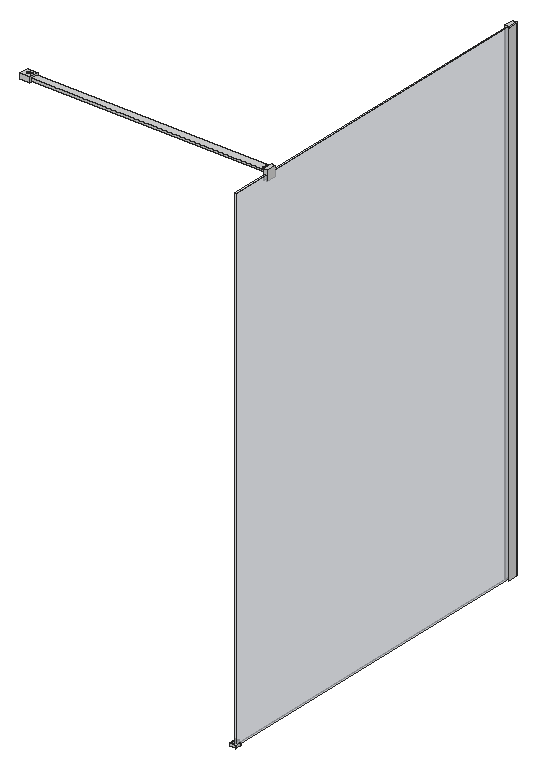
Revit family "Reece_Shower_Kado_Lux_Fixed Shower Screen", category Plumbing Fixtures, Revit 2018
Family settings
  Round Connector Dimension = Use Diameter
  Part Type = Normal
  Work Plane-Based = Yes
  Always vertical = Yes
  Cut with Voids When Loaded = Yes
  Shared = Yes
  Room Calculation Point = Yes
Parameters (values of type "1400 mm_With Wall Support_Chrome")
  URL = "https://www.reece.com.au/product/-9506301"
  Type Comments = "Shower"
  Reece_Screen_Width = 1400 mm
  Reece_Screen_Height = 2000 mm  # constant formula
  Reece_Product_Web Page = "https://www.reece.com.au/product/-9506301"
  Reece_Product_Type = "Shower"  # constant formula
  Reece_Product_Sub Brand = "Lux"  # constant formula
  Reece_Product_Number = "9506301"
  Reece_Product_Mount = "Wall Mounted"
  Reece_Product_Description = "Kado Lux Fixed Shower Screen Panel and Wall Support 1400mm Chrome"
  Reece_Product_Brand = "Kado"  # constant formula
  Reece_Overall_Width = 1000 mm  # constant formula
  Reece_Overall_Height [instance] = 2020 mm
  Reece_Material_Screen = Reece_Safety Glass_Transparent
  Reece_Material_Main = Reece_Brass_Chrome
  Reece_Family_Shower Screen Fixtures_Double Entry with Side Panels and Wall Support = no
  Reece_Family_Shower Screen Fixtures_Double Entry and Wall Support_Base Support = no
  Reece_Family_Shower Screen Fixtures_Double Entry and Wall Support = no
  Reece_Family_Shower Screen Fixtures_With Wall Panel and Wall Support = no
  Reece_Family_Shower Screen Fixtures_With Wall Support = yes
  Reece_Detail_Function = "Wall Support"
  Reece_Detail_Disclaimer = "THIS FILE IS THE PROPERTY OF THE REECE GROUP. IT MAY NOT BE REPRODUCED, REVERSE-ENGINEERED OR MODIFIED. ANY REPUBLICATION, TRANSMISSION OR DISTRIBUTION FOR THE PURPOSE OF COMMERCIALLY EXPLOITING THE FILES IS PROHIBITED."  # constant formula
  Reece_Detail_Additional = "Fixed Shower Screen"  # constant formula
  Model = "Lux"
  Manufacturer = "Kado"
  Keynote = "Product #9506301, Reece_Shower_Kado_Lux_Fixed Shower Screen - 1400 mm_With Wall Support_Chrome"
  Disclaimer = "THIS FILE IS THE PROPERTY OF THE REECE GROUP. IT MAY NOT BE REPRODUCED, REVERSE-ENGINEERED OR MODIFIED. ANY REPUBLICATION, TRANSMISSION OR DISTRIBUTION FOR THE PURPOSE OF COMMERCIALLY EXPLOITING THE FILES IS PROHIBITED."  # constant formula
  Description = "Kado Lux Fixed Shower Screen Panel and Wall Support 1400mm Chrome"
  Default Elevation = 0 mm
Types (5, lengths in mm): name | URL | Reece_Screen_Width | Reece_Product_Web Page | Reece_Product_Number | Reece_Product_Description | Reece_Family_Shower Screen Fixtures_Double Entry and Wall Support_Base Support | Reece_Family_Shower Screen Fixtures_Double Entry and Wall Support | Reece_Family_Shower Screen Fixtures_With Wall Support | Reece_Detail_Function | Keynote | Description
  (no name) | "https://www.reece.com.au/product/-9506299" | 1000 | "https://www.reece.com.au/product/-9506299" | "9506299" | "Kado Lux Fixed Shower Screen Panel and Wall Support 1000mm Chrome" | no | no | yes | "Wall Support" | "Product #9506299, Reece_Shower_Kado_Lux_Fixed Shower Screen -  " | "Kado Lux Fixed Shower Screen Panel and Wall Support 1000mm Chrome"
  1000 mm_With Wall Support_Chrome | "https://www.reece.com.au/product/-9506299" | 1000 | "https://www.reece.com.au/product/-9506299" | "9506299" | "Kado Lux Fixed Shower Screen Panel and Wall Support 1000mm Chrome" | no | no | yes | "Wall Support" | "Product #9506299, Reece_Shower_Kado_Lux_Fixed Shower Screen - 1000 mm_With Wall Support_Chrome" | "Kado Lux Fixed Shower Screen Panel and Wall Support 1000mm Chrome"
  1200 mm_With Wall Support_Chrome | "https://www.reece.com.au/product/-9506300" | 1200 | "https://www.reece.com.au/product/-9506300" | "9506300" | "Kado Lux Fixed Shower Screen Panel and Wall Support 1200mm Chrome" | no | no | yes | "Wall Support" | "Product #9506300, Reece_Shower_Kado_Lux_Fixed Shower Screen - 1200 mm_With Wall Support_Chrome" | "Kado Lux Fixed Shower Screen Panel and Wall Support 1200mm Chrome"
  1400 mm_With Wall Support_Chrome | "https://www.reece.com.au/product/-9506301" | 1400 | "https://www.reece.com.au/product/-9506301" | "9506301" | "Kado Lux Fixed Shower Screen Panel and Wall Support 1400mm Chrome" | no | no | yes | "Wall Support" | "Product #9506301, Reece_Shower_Kado_Lux_Fixed Shower Screen - 1400 mm_With Wall Support_Chrome" | "Kado Lux Fixed Shower Screen Panel and Wall Support 1400mm Chrome"
  1400 mm_Double Entry and Wall Support_Chrome | "https://www.reece.com.au/product/-9506884" | 1400 | "https://www.reece.com.au/product/-9506884" | "9506884" | "Kado Lux Fixed Shower Screen Panel Double Entry and Wall Support 1400mm Chrome" | yes | yes | no | "Double Entry and Wall Support" | "Product #9506884, Reece_Shower_Kado_Lux_Fixed Shower Screen - 1400 mm_Double Entry and Wall Support_Chrome" | "Kado Lux Fixed Shower Screen Panel Double Entry and Wall Support 1400mm Chrome"
Reference planes
  plane 1 "Center (Front/Back)": y = 0
  plane 2 "Height From Floor": z = 0
  plane 3 "Center (Left/Right)": x = 0
  plane 4 "Bottom Of Invisible Line": z = -5
  plane 5: x = 500
  plane 6: x = -500
  plane 7: y = 710
  plane 8: y = -710
  plane 9: z = 2000
  plane 10: z = 2020
  plane 11: y = 699
  plane 12: y = -701
  plane 13: y = -528.5
  plane 14: y = -509.5
  plane 15: y = -547.5
  plane 16: y = -514.5
  plane 17: y = -542.5
  plane 18: y = -678
  plane 19: y = 670
  plane 20: x = 487
  plane 21: x = 157
  plane 22: y = -693.5
  plane 23: y = -701.5
  plane 24: y = 528.5
Forms (mm)
  Extrusion 1, solid, material "Reece_Brass_Chrome" <- "Reece_Material_Main"
    sketch origin (6, 91.5, -10) x (-1, 0, 0) y (0, 0, -1)
      loop
        line (466, -2010) -> (466, -2030) -> (506, -2030) -> (506, -2010) -> (466, -2010)
      loop
        line (-491, -1990) -> (-494, -1990) -> (-494, -2030) -> (-479, -2030) -> (-479, -1990) -> (-483, -1990) -> (-483, -2010) -> (-491, -2010) -> (-491, -1990)
    from 601 to 639
  Extrusion 2, solid, material "Reece_Brass_Chrome" <- "Reece_Material_Main"
    sketch origin (0, 91.5, -10) x (-1, 0, 0) y (0, 0, -1)
      loop
        line (-485, -2025) -> (485, -2025) -> (485, -2015) -> (-485, -2015) -> (-485, -2025)
    from 606 to 634
  Extrusion 3, solid, material "Reece_Brass_Chrome" <- "Reece_Material_Main", detail levels fine
    sketch origin (0, -450, 15) x (-1, 0, 0) y (0, -1, 0)
      loop
        circle (-474.005, 71.5) r 3
      loop
        circle (-474.005, 85.5) r 3
      loop
        line (-474.005, 69) -> (-471.84, 70.25) -> (-471.84, 72.75) -> (-474.005, 74) -> (-476.17, 72.75) -> (-476.17, 70.25) -> (-474.005, 69)
      loop
        line (-474.005, 83) -> (-471.84, 84.25) -> (-471.84, 86.75) -> (-474.005, 88) -> (-476.17, 86.75) -> (-476.17, 84.25) -> (-474.005, 83)
    from 2000 to 2001
  Extrusion 4, solid, material "Reece_Safety Glass_Transparent" <- "Reece_Material_Screen"
    sketch origin (464, 0, 0) x (0, 1, 0) y (-1, 0, 0)
      loop
        line (699, -33) -> (699, -25) -> (-701, -25) -> (-701, -33) -> (699, -33)
    from 0 to 2000
  Extrusion 5, solid, material "Reece_Brass_Chrome" <- "Reece_Material_Main", detail levels fine
    sketch origin (0, -450, 20) x (-1, 0, 0) y (0, -1, 0)
      loop
        circle (480.988, 78.5) r 4
      loop
        circle (468, 78.5) r 4
      loop
        line (471.031, 76.75) -> (471.031, 80.25) -> (468, 82) -> (464.969, 80.25) -> (464.969, 76.75) -> (468, 75) -> (471.031, 76.75)
      loop
        line (484.02, 76.75) -> (484.02, 80.25) -> (480.988, 82) -> (477.957, 80.25) -> (477.957, 76.75) -> (480.988, 75) -> (484.02, 76.75)
    from 2000 to 2001
  Extrusion 6, solid, material "Reece_Brass_Chrome" <- "Reece_Material_Main", visible <- "Reece_Family_Shower Screen Fixtures_With Wall Support"
    sketch origin (0, 0, 0) x (1, 0, 0) y (0, 1, 0)
      loop
        line (476, -678.5) -> (476, -709.5)
        arc (476, -709.5) -> (476.146, -709.854) -> (476.5, -710) r 0.5
        line (476.5, -710) -> (502.5, -710)
        arc (502.5, -710) -> (502.854, -709.854) -> (503, -709.5) r 0.5
        line (503, -709.5) -> (503, -688.5)
        arc (503, -688.5) -> (502.854, -688.146) -> (502.5, -688) r 0.5
        line (502.5, -688) -> (497.5, -688)
        arc (497.5, -688) -> (497.146, -688.146) -> (497, -688.5) r 0.5
        line (497, -688.5) -> (497, -701) -> (489, -701) -> (489, -678.5)
        arc (489, -678.5) -> (488.854, -678.146) -> (488.5, -678) r 0.5
        line (488.5, -678) -> (476.5, -678)
        arc (476.5, -678) -> (476.146, -678.146) -> (476, -678.5) r 0.5
    from 0 to 10
  Extrusion 7, solid, material "Reece_Brass_Chrome" <- "Reece_Material_Main", visible <- "Reece_Family_Shower Screen Fixtures_With Wall Support", detail levels fine
    sketch origin (361, -969.488, -1990) x (0, 1, 0) y (-1, 0, 0)
      loop
        circle (282.488, -121.5) r 3.5
      loop
        circle (268.5, -121.5) r 3.5
      loop
        line (271.5, -121.5) -> (270, -118.902) -> (267, -118.902) -> (265.5, -121.5) -> (267, -124.098) -> (270, -124.098) -> (271.5, -121.5)
      loop
        line (285.488, -121.5) -> (283.988, -118.902) -> (280.988, -118.902) -> (279.488, -121.5) -> (280.988, -124.098) -> (283.988, -124.098) -> (285.488, -121.5)
    from 2000 to 2001
  Extrusion 8, solid, material "Reece_Brass_Chrome" <- "Reece_Material_Main", visible <- "Reece_Family_Shower Screen Fixtures_With Wall Panel and Wall Support"
    sketch origin (1364, -168.462, 0) x (1, 0, 0) y (0, 1, 0)
      loop
        arc (-865.5, -515.038) -> (-865.646, -514.685) -> (-866, -514.538) r 0.5
        line (-866, -514.538) -> (-867, -514.538) -> (-867, -532.538)
        arc (-867, -532.538) -> (-867.146, -532.892) -> (-867.5, -533.038) r 0.5
        line (-867.5, -533.038) -> (-874.5, -533.038)
        arc (-874.5, -533.038) -> (-874.853, -532.892) -> (-875, -532.538) r 0.5
        line (-875, -532.538) -> (-875, -514.538) -> (-876, -514.538)
        arc (-876, -514.538) -> (-876.353, -514.685) -> (-876.5, -515.038) r 0.5
        line (-876.5, -515.038) -> (-876.5, -523.038)
        arc (-876.5, -523.038) -> (-876.646, -523.392) -> (-877, -523.538) r 0.5
        line (-877, -523.538) -> (-885, -523.538)
        arc (-885, -523.538) -> (-885.353, -523.685) -> (-885.5, -524.038) r 0.5
        line (-885.5, -524.038) -> (-885.5, -525.038) -> (-877, -525.038)
        arc (-877, -525.038) -> (-876.646, -525.185) -> (-876.5, -525.538) r 0.5
        line (-876.5, -525.538) -> (-876.5, -532.538)
        arc (-876.5, -532.538) -> (-876.646, -532.892) -> (-877, -533.038) r 0.5
        line (-877, -533.038) -> (-885.5, -533.038) -> (-885.5, -534.038)
        arc (-885.5, -534.038) -> (-885.353, -534.392) -> (-885, -534.538) r 0.5
        line (-885, -534.538) -> (-866, -534.538)
        arc (-866, -534.538) -> (-865.646, -534.392) -> (-865.5, -534.038) r 0.5
        line (-865.5, -534.038) -> (-865.5, -515.038)
    from 0 to 2000
  Extrusion 9, solid, material "Reece_Safety Glass_Transparent" <- "Reece_Material_Screen", visible <- "Reece_Family_Shower Screen Fixtures_With Wall Panel and Wall Support"
    sketch origin (658, -468.5, 0) x (1, 0, 0) y (0, 1, 0)
      loop
        line (-171, -233) -> (-171, -225) -> (-501, -225) -> (-501, -233) -> (-171, -233)
    from 0 to 2000
  Extrusion 10, solid, material "Reece_Brass_Chrome" <- "Reece_Material_Main", visible <- "Reece_Family_Shower Screen Fixtures_With Wall Panel and Wall Support", detail levels fine
    sketch origin (-311.488, -365.5, -1990) x (1, 0, 0) y (0, 1, 0)
      loop
        circle (482.488, -321.5) r 3.5
      loop
        circle (468.5, -321.5) r 3.5
      loop
        line (471.5, -321.5) -> (470, -318.902) -> (467, -318.902) -> (465.5, -321.5) -> (467, -324.098) -> (470, -324.098) -> (471.5, -321.5)
      loop
        line (485.488, -321.5) -> (483.988, -318.902) -> (480.988, -318.902) -> (479.488, -321.5) -> (480.988, -324.098) -> (483.988, -324.098) -> (485.488, -321.5)
    from 2000 to 2001
  Extrusion 11, solid, material "Reece_Brass_Chrome" <- "Reece_Material_Main", visible <- "Reece_Family_Shower Screen Fixtures_With Wall Panel and Wall Support"
    sketch origin (658, -4.5, 0) x (0, -1, 0) y (1, 0, 0)
      loop
        line (676, -478.5) -> (676, -509.5)
        arc (676, -509.5) -> (676.146, -509.854) -> (676.5, -510) r 0.5
        line (676.5, -510) -> (702.5, -510)
        arc (702.5, -510) -> (702.854, -509.854) -> (703, -509.5) r 0.5
        line (703, -509.5) -> (703, -488.5)
        arc (703, -488.5) -> (702.854, -488.146) -> (702.5, -488) r 0.5
        line (702.5, -488) -> (697.5, -488)
        arc (697.5, -488) -> (697.146, -488.146) -> (697, -488.5) r 0.5
        line (697, -488.5) -> (697, -501) -> (689, -501) -> (689, -478.5)
        arc (689, -478.5) -> (688.854, -478.146) -> (688.5, -478) r 0.5
        line (688.5, -478) -> (676.5, -478)
        arc (676.5, -478) -> (676.146, -478.146) -> (676, -478.5) r 0.5
    from 0 to 10
  Extrusion 12, solid, material "Reece_Brass_Chrome" <- "Reece_Material_Main", visible <- "Reece_Family_Shower Screen Fixtures_Double Entry and Wall Support"
    sketch origin (6, -91.5, -10) x (-1, 0, 0) y (0, 0, 1)
      loop
        line (466, 2010) -> (506, 2010) -> (506, 2030) -> (466, 2030) -> (466, 2010)
      loop
        line (-491, 1990) -> (-491, 2010) -> (-483, 2010) -> (-483, 1990) -> (-474, 1990) -> (-474, 2030) -> (-494, 2030) -> (-494, 1990) -> (-491, 1990)
    from 601 to 639
  Extrusion 13, solid, material "Reece_Brass_Chrome" <- "Reece_Material_Main", visible <- "Reece_Family_Shower Screen Fixtures_Double Entry and Wall Support"
    sketch origin (0, -91.5, -10) x (-1, 0, 0) y (0, 0, 1)
      loop
        line (-480, 2025) -> (-480, 2015) -> (460, 2015) -> (460, 2025) -> (-480, 2025)
    from 606 to 634
  Extrusion 14, solid, material "Reece_Brass_Chrome" <- "Reece_Material_Main", visible <- "Reece_Family_Shower Screen Fixtures_Double Entry and Wall Support", detail levels fine
    sketch origin (0, 450, 15) x (-1, 0, 0) y (0, -1, 0)
      loop
        circle (-474.005, -71.5) r 3
      loop
        circle (-474.005, -85.5) r 3
      loop
        line (-474.005, -69) -> (-476.17, -70.25) -> (-476.17, -72.75) -> (-474.005, -74) -> (-471.84, -72.75) -> (-471.84, -70.25) -> (-474.005, -69)
      loop
        line (-474.005, -83) -> (-476.17, -84.25) -> (-476.17, -86.75) -> (-474.005, -88) -> (-471.84, -86.75) -> (-471.84, -84.25) -> (-474.005, -83)
    from 2000 to 2001
  Extrusion 15, solid, material "Reece_Brass_Chrome" <- "Reece_Material_Main", visible <- "Reece_Family_Shower Screen Fixtures_Double Entry and Wall Support", detail levels fine
    sketch origin (0, 450, 20) x (-1, 0, 0) y (0, -1, 0)
      loop
        circle (482.988, -78.5) r 4
      loop
        circle (468, -78.5) r 4
      loop
        line (471.031, -76.75) -> (468, -75) -> (464.969, -76.75) -> (464.969, -80.25) -> (468, -82) -> (471.031, -80.25) -> (471.031, -76.75)
      loop
        line (486.02, -76.75) -> (482.988, -75) -> (479.957, -76.75) -> (479.957, -80.25) -> (482.988, -82) -> (486.02, -80.25) -> (486.02, -76.75)
    from 2000 to 2001
  Extrusion 16, solid, material "Reece_Brass_Chrome" <- "Reece_Material_Main", visible <- "Reece_Family_Shower Screen Fixtures_With Wall Panel and Wall Support"
    sketch origin (-380.5, 175.462, 0) x (-1, 0, 0) y (0, -1, 0)
      loop
        arc (-865.5, -495.038) -> (-865.646, -494.685) -> (-866, -494.538) r 0.5
        line (-866, -494.538) -> (-867, -494.538) -> (-867, -523.538)
        arc (-867, -523.538) -> (-867.146, -523.892) -> (-867.5, -524.038) r 0.5
        line (-867.5, -524.038) -> (-878.5, -524.038)
        arc (-878.5, -524.038) -> (-878.853, -523.892) -> (-879, -523.538) r 0.5
        line (-879, -523.538) -> (-879, -494.538) -> (-880, -494.538)
        arc (-880, -494.538) -> (-880.353, -494.685) -> (-880.5, -495.038) r 0.5
        line (-880.5, -495.038) -> (-880.5, -534.038)
        arc (-880.5, -534.038) -> (-880.353, -534.392) -> (-880, -534.538) r 0.5
        line (-880, -534.538) -> (-866, -534.538)
        arc (-866, -534.538) -> (-865.646, -534.392) -> (-865.5, -534.038) r 0.5
        line (-865.5, -534.038) -> (-865.5, -495.038)
      loop
        line (-878.5, -533.038) -> (-867.5, -533.038)
        arc (-867.5, -533.038) -> (-867.146, -532.892) -> (-867, -532.538) r 0.5
        line (-867, -532.538) -> (-867, -526.038)
        arc (-867, -526.038) -> (-867.146, -525.685) -> (-867.5, -525.538) r 0.5
        line (-867.5, -525.538) -> (-878.5, -525.538)
        arc (-878.5, -525.538) -> (-878.853, -525.685) -> (-879, -526.038) r 0.5
        line (-879, -526.038) -> (-879, -532.538)
        arc (-879, -532.538) -> (-878.853, -532.892) -> (-878.5, -533.038) r 0.5
    from 0 to 2000
  Extrusion 17, solid, material "Reece_Brass_Chrome" <- "Reece_Material_Main", visible <- "Reece_Family_Shower Screen Fixtures_With Wall Panel and Wall Support"
    sketch origin (-380.5, 175.462, 0) x (-1, 0, 0) y (0, -1, 0)
      loop
        arc (-865.5, -495.038) -> (-865.646, -494.685) -> (-866, -494.538) r 0.5
        line (-866, -494.538) -> (-880, -494.538)
        arc (-880, -494.538) -> (-880.353, -494.685) -> (-880.5, -495.038) r 0.5
        line (-880.5, -495.038) -> (-880.5, -534.038)
        arc (-880.5, -534.038) -> (-880.353, -534.392) -> (-880, -534.538) r 0.5
        line (-880, -534.538) -> (-866, -534.538)
        arc (-866, -534.538) -> (-865.646, -534.392) -> (-865.5, -534.038) r 0.5
        line (-865.5, -534.038) -> (-865.5, -495.038)
    from 2000 to 2005
  Extrusion 18, solid, material "Reece_Brass_Chrome" <- "Reece_Material_Main", visible <- "Reece_Family_Shower Screen Fixtures_Double Entry with Side Panels and Wall Support"
    sketch origin (1364, 168.462, 0) x (1, 0, 0) y (0, 1, 0)
      loop
        line (-865.5, 515.038) -> (-865.5, 534.038)
        arc (-865.5, 534.038) -> (-865.646, 534.392) -> (-866, 534.538) r 0.5
        line (-866, 534.538) -> (-885, 534.538)
        arc (-885, 534.538) -> (-885.353, 534.392) -> (-885.5, 534.038) r 0.5
        line (-885.5, 534.038) -> (-885.5, 533.038) -> (-877, 533.038)
        arc (-877, 533.038) -> (-876.646, 532.892) -> (-876.5, 532.538) r 0.5
        line (-876.5, 532.538) -> (-876.5, 525.538)
        arc (-876.5, 525.538) -> (-876.646, 525.185) -> (-877, 525.038) r 0.5
        line (-877, 525.038) -> (-885.5, 525.038) -> (-885.5, 524.038)
        arc (-885.5, 524.038) -> (-885.353, 523.685) -> (-885, 523.538) r 0.5
        line (-885, 523.538) -> (-877, 523.538)
        arc (-877, 523.538) -> (-876.646, 523.392) -> (-876.5, 523.038) r 0.5
        line (-876.5, 523.038) -> (-876.5, 515.038)
        arc (-876.5, 515.038) -> (-876.353, 514.685) -> (-876, 514.538) r 0.5
        line (-876, 514.538) -> (-875, 514.538) -> (-875, 532.538)
        arc (-875, 532.538) -> (-874.853, 532.892) -> (-874.5, 533.038) r 0.5
        line (-874.5, 533.038) -> (-867.5, 533.038)
        arc (-867.5, 533.038) -> (-867.146, 532.892) -> (-867, 532.538) r 0.5
        line (-867, 532.538) -> (-867, 514.538) -> (-866, 514.538)
        arc (-866, 514.538) -> (-865.646, 514.685) -> (-865.5, 515.038) r 0.5
    from 0 to 2000
  Extrusion 19, solid, material "Reece_Safety Glass_Transparent" <- "Reece_Material_Screen", visible <- "Reece_Family_Shower Screen Fixtures_Double Entry with Side Panels and Wall Support"
    sketch origin (658, 468.5, 0) x (1, 0, 0) y (0, 1, 0)
      loop
        line (-171, 233) -> (-501, 233) -> (-501, 225) -> (-171, 225) -> (-171, 233)
    from 0 to 2000
  Extrusion 20, solid, material "Reece_Brass_Chrome" <- "Reece_Material_Main", visible <- "Reece_Family_Shower Screen Fixtures_Double Entry with Side Panels and Wall Support", detail levels fine
    sketch origin (-311.488, 365.5, -1990) x (1, 0, 0) y (0, 1, 0)
      loop
        circle (482.488, 321.5) r 3.5
      loop
        circle (468.5, 321.5) r 3.5
      loop
        line (471.5, 321.5) -> (470, 324.098) -> (467, 324.098) -> (465.5, 321.5) -> (467, 318.902) -> (470, 318.902) -> (471.5, 321.5)
      loop
        line (485.488, 321.5) -> (483.988, 324.098) -> (480.988, 324.098) -> (479.488, 321.5) -> (480.988, 318.902) -> (483.988, 318.902) -> (485.488, 321.5)
    from 2000 to 2001
  Extrusion 21, solid, material "Reece_Brass_Chrome" <- "Reece_Material_Main", visible <- "Reece_Family_Shower Screen Fixtures_Double Entry with Side Panels and Wall Support"
    sketch origin (658, 4.5, 0) x (0, 1, 0) y (-1, 0, 0)
      loop
        arc (676, 478.5) -> (676.146, 478.146) -> (676.5, 478) r 0.5
        line (676.5, 478) -> (688.5, 478)
        arc (688.5, 478) -> (688.854, 478.146) -> (689, 478.5) r 0.5
        line (689, 478.5) -> (689, 501) -> (697, 501) -> (697, 488.5)
        arc (697, 488.5) -> (697.146, 488.146) -> (697.5, 488) r 0.5
        line (697.5, 488) -> (702.5, 488)
        arc (702.5, 488) -> (702.854, 488.146) -> (703, 488.5) r 0.5
        line (703, 488.5) -> (703, 509.5)
        arc (703, 509.5) -> (702.854, 509.854) -> (702.5, 510) r 0.5
        line (702.5, 510) -> (676.5, 510)
        arc (676.5, 510) -> (676.146, 509.854) -> (676, 509.5) r 0.5
        line (676, 509.5) -> (676, 478.5)
    from 0 to 10
  Extrusion 22, solid, material "Reece_Brass_Chrome" <- "Reece_Material_Main", visible <- "Reece_Family_Shower Screen Fixtures_Double Entry with Side Panels and Wall Support"
    sketch origin (1364, -168.462, 0) x (1, 0, 0) y (0, 1, 0)
      loop
        arc (-865.5, -515.038) -> (-865.646, -514.685) -> (-866, -514.538) r 0.5
        line (-866, -514.538) -> (-867, -514.538) -> (-867, -532.538)
        arc (-867, -532.538) -> (-867.146, -532.892) -> (-867.5, -533.038) r 0.5
        line (-867.5, -533.038) -> (-874.5, -533.038)
        arc (-874.5, -533.038) -> (-874.853, -532.892) -> (-875, -532.538) r 0.5
        line (-875, -532.538) -> (-875, -514.538) -> (-876, -514.538)
        arc (-876, -514.538) -> (-876.353, -514.685) -> (-876.5, -515.038) r 0.5
        line (-876.5, -515.038) -> (-876.5, -523.038)
        arc (-876.5, -523.038) -> (-876.646, -523.392) -> (-877, -523.538) r 0.5
        line (-877, -523.538) -> (-885, -523.538)
        arc (-885, -523.538) -> (-885.353, -523.685) -> (-885.5, -524.038) r 0.5
        line (-885.5, -524.038) -> (-885.5, -525.038) -> (-877, -525.038)
        arc (-877, -525.038) -> (-876.646, -525.185) -> (-876.5, -525.538) r 0.5
        line (-876.5, -525.538) -> (-876.5, -532.538)
        arc (-876.5, -532.538) -> (-876.646, -532.892) -> (-877, -533.038) r 0.5
        line (-877, -533.038) -> (-885.5, -533.038) -> (-885.5, -534.038)
        arc (-885.5, -534.038) -> (-885.353, -534.392) -> (-885, -534.538) r 0.5
        line (-885, -534.538) -> (-866, -534.538)
        arc (-866, -534.538) -> (-865.646, -534.392) -> (-865.5, -534.038) r 0.5
        line (-865.5, -534.038) -> (-865.5, -515.038)
    from 0 to 2000
  Extrusion 23, solid, material "Reece_Safety Glass_Transparent" <- "Reece_Material_Screen", visible <- "Reece_Family_Shower Screen Fixtures_Double Entry with Side Panels and Wall Support"
    sketch origin (658, -468.5, 0) x (1, 0, 0) y (0, 1, 0)
      loop
        line (-171, -233) -> (-171, -225) -> (-501, -225) -> (-501, -233) -> (-171, -233)
    from 0 to 2000
  Extrusion 24, solid, material "Reece_Brass_Chrome" <- "Reece_Material_Main", visible <- "Reece_Family_Shower Screen Fixtures_Double Entry with Side Panels and Wall Support", detail levels fine
    sketch origin (-311.488, -365.5, -1990) x (1, 0, 0) y (0, 1, 0)
      loop
        circle (482.488, -321.5) r 3.5
      loop
        circle (468.5, -321.5) r 3.5
      loop
        line (471.5, -321.5) -> (470, -318.902) -> (467, -318.902) -> (465.5, -321.5) -> (467, -324.098) -> (470, -324.098) -> (471.5, -321.5)
      loop
        line (485.488, -321.5) -> (483.988, -318.902) -> (480.988, -318.902) -> (479.488, -321.5) -> (480.988, -324.098) -> (483.988, -324.098) -> (485.488, -321.5)
    from 2000 to 2001
  Extrusion 25, solid, material "Reece_Brass_Chrome" <- "Reece_Material_Main", visible <- "Reece_Family_Shower Screen Fixtures_Double Entry with Side Panels and Wall Support"
    sketch origin (658, -4.5, 0) x (0, -1, 0) y (1, 0, 0)
      loop
        line (676, -478.5) -> (676, -509.5)
        arc (676, -509.5) -> (676.146, -509.854) -> (676.5, -510) r 0.5
        line (676.5, -510) -> (702.5, -510)
        arc (702.5, -510) -> (702.854, -509.854) -> (703, -509.5) r 0.5
        line (703, -509.5) -> (703, -488.5)
        arc (703, -488.5) -> (702.854, -488.146) -> (702.5, -488) r 0.5
        line (702.5, -488) -> (697.5, -488)
        arc (697.5, -488) -> (697.146, -488.146) -> (697, -488.5) r 0.5
        line (697, -488.5) -> (697, -501) -> (689, -501) -> (689, -478.5)
        arc (689, -478.5) -> (688.854, -478.146) -> (688.5, -478) r 0.5
        line (688.5, -478) -> (676.5, -478)
        arc (676.5, -478) -> (676.146, -478.146) -> (676, -478.5) r 0.5
    from 0 to 10
  Extrusion 26, solid, material "Reece_Brass_Chrome" <- "Reece_Material_Main", visible <- "Reece_Family_Shower Screen Fixtures_Double Entry and Wall Support_Base Support"
    sketch origin (0, 0, 0) x (1, 0, 0) y (0, 1, 0)
      loop
        line (476, -678.5) -> (476, -709.5)
        arc (476, -709.5) -> (476.146, -709.854) -> (476.5, -710) r 0.5
        line (476.5, -710) -> (502.5, -710)
        arc (502.5, -710) -> (502.854, -709.854) -> (503, -709.5) r 0.5
        line (503, -709.5) -> (503, -688.5)
        arc (503, -688.5) -> (502.854, -688.146) -> (502.5, -688) r 0.5
        line (502.5, -688) -> (497.5, -688)
        arc (497.5, -688) -> (497.146, -688.146) -> (497, -688.5) r 0.5
        line (497, -688.5) -> (497, -701) -> (489, -701) -> (489, -678.5)
        arc (489, -678.5) -> (488.854, -678.146) -> (488.5, -678) r 0.5
        line (488.5, -678) -> (476.5, -678)
        arc (476.5, -678) -> (476.146, -678.146) -> (476, -678.5) r 0.5
    from 0 to 10
  Extrusion 27, solid, material "Reece_Brass_Chrome" <- "Reece_Material_Main", visible <- "Reece_Family_Shower Screen Fixtures_Double Entry and Wall Support_Base Support", detail levels fine
    sketch origin (361, -969.488, -1990) x (0, 1, 0) y (-1, 0, 0)
      loop
        circle (282.488, -121.5) r 3.5
      loop
        circle (268.5, -121.5) r 3.5
      loop
        line (271.5, -121.5) -> (270, -118.902) -> (267, -118.902) -> (265.5, -121.5) -> (267, -124.098) -> (270, -124.098) -> (271.5, -121.5)
      loop
        line (285.488, -121.5) -> (283.988, -118.902) -> (280.988, -118.902) -> (279.488, -121.5) -> (280.988, -124.098) -> (283.988, -124.098) -> (285.488, -121.5)
    from 2000 to 2001
  Extrusion 28, solid, material "Reece_Brass_Chrome" <- "Reece_Material_Main", visible <- "Reece_Family_Shower Screen Fixtures_Double Entry and Wall Support_Base Support"
    sketch origin (0, -2, 0) x (1, 0, 0) y (0, 1, 0)
      loop
        arc (476, 678.5) -> (476.146, 678.146) -> (476.5, 678) r 0.5
        line (476.5, 678) -> (488.5, 678)
        arc (488.5, 678) -> (488.854, 678.146) -> (489, 678.5) r 0.5
        line (489, 678.5) -> (489, 701) -> (497, 701) -> (497, 688.5)
        arc (497, 688.5) -> (497.146, 688.146) -> (497.5, 688) r 0.5
        line (497.5, 688) -> (502.5, 688)
        arc (502.5, 688) -> (502.854, 688.146) -> (503, 688.5) r 0.5
        line (503, 688.5) -> (503, 709.5)
        arc (503, 709.5) -> (502.854, 709.854) -> (502.5, 710) r 0.5
        line (502.5, 710) -> (476.5, 710)
        arc (476.5, 710) -> (476.146, 709.854) -> (476, 709.5) r 0.5
        line (476, 709.5) -> (476, 678.5)
    from 0 to 10
  Extrusion 29, solid, material "Reece_Brass_Chrome" <- "Reece_Material_Main", visible <- "Reece_Family_Shower Screen Fixtures_Double Entry and Wall Support_Base Support", detail levels fine
    sketch origin (361, 967.488, -1990) x (0, -1, 0) y (1, 0, 0)
      loop
        circle (282.488, 121.5) r 3.5
      loop
        circle (268.5, 121.5) r 3.5
      loop
        line (271.5, 121.5) -> (270, 124.098) -> (267, 124.098) -> (265.5, 121.5) -> (267, 118.902) -> (270, 118.902) -> (271.5, 121.5)
      loop
        line (285.488, 121.5) -> (283.988, 124.098) -> (280.988, 124.098) -> (279.488, 121.5) -> (280.988, 118.902) -> (283.988, 118.902) -> (285.488, 121.5)
    from 2000 to 2001
  Extrusion 30, solid, material "Reece_Brass_Chrome" <- "Reece_Material_Main", visible <- "Reece_Family_Shower Screen Fixtures_With Wall Support"
    sketch origin (-380.5, 175.462, 0) x (-1, 0, 0) y (0, -1, 0)
      loop
        arc (-865.5, -495.038) -> (-865.646, -494.685) -> (-866, -494.538) r 0.5
        line (-866, -494.538) -> (-867, -494.538) -> (-867, -523.538)
        arc (-867, -523.538) -> (-867.146, -523.892) -> (-867.5, -524.038) r 0.5
        line (-867.5, -524.038) -> (-878.5, -524.038)
        arc (-878.5, -524.038) -> (-878.853, -523.892) -> (-879, -523.538) r 0.5
        line (-879, -523.538) -> (-879, -494.538) -> (-880, -494.538)
        arc (-880, -494.538) -> (-880.353, -494.685) -> (-880.5, -495.038) r 0.5
        line (-880.5, -495.038) -> (-880.5, -534.038)
        arc (-880.5, -534.038) -> (-880.353, -534.392) -> (-880, -534.538) r 0.5
        line (-880, -534.538) -> (-866, -534.538)
        arc (-866, -534.538) -> (-865.646, -534.392) -> (-865.5, -534.038) r 0.5
        line (-865.5, -534.038) -> (-865.5, -495.038)
      loop
        line (-878.5, -533.038) -> (-867.5, -533.038)
        arc (-867.5, -533.038) -> (-867.146, -532.892) -> (-867, -532.538) r 0.5
        line (-867, -532.538) -> (-867, -526.038)
        arc (-867, -526.038) -> (-867.146, -525.685) -> (-867.5, -525.538) r 0.5
        line (-867.5, -525.538) -> (-878.5, -525.538)
        arc (-878.5, -525.538) -> (-878.853, -525.685) -> (-879, -526.038) r 0.5
        line (-879, -526.038) -> (-879, -532.538)
        arc (-879, -532.538) -> (-878.853, -532.892) -> (-878.5, -533.038) r 0.5
    from 0 to 2000
  Extrusion 31, solid, material "Reece_Brass_Chrome" <- "Reece_Material_Main", visible <- "Reece_Family_Shower Screen Fixtures_With Wall Support"
    sketch origin (-380.5, 175.462, 0) x (-1, 0, 0) y (0, -1, 0)
      loop
        arc (-865.5, -495.038) -> (-865.646, -494.685) -> (-866, -494.538) r 0.5
        line (-866, -494.538) -> (-880, -494.538)
        arc (-880, -494.538) -> (-880.353, -494.685) -> (-880.5, -495.038) r 0.5
        line (-880.5, -495.038) -> (-880.5, -534.038)
        arc (-880.5, -534.038) -> (-880.353, -534.392) -> (-880, -534.538) r 0.5
        line (-880, -534.538) -> (-866, -534.538)
        arc (-866, -534.538) -> (-865.646, -534.392) -> (-865.5, -534.038) r 0.5
        line (-865.5, -534.038) -> (-865.5, -495.038)
    from 2000 to 2005
Cuts and joins
  joined: Extrusion 1, Extrusion 2
Lines and regions (mm)
  model lines, style "InvisibleLines", visible <- "Reece_Family_Shower Screen Fixtures_Double Entry and Wall Support_Base Support"
    curve 1: line (0, 0, -5) -> (0, 0, 0)
Text (mm)
  text "Reece ©" at (4010.036, -1850.322, 2156.454), in view "Reece Preview"
  text "Reece Copyright © 2018, Reece Ltd." at (-1042.358, -1153.995, 0), in view "Ref. Level"
Dimensions and locks
  locked: level to plane 4 "Bottom Of Invisible Line" at 5
  "Reece_Overall_Width": plane 6 to plane 5
  equal spacing: plane 6, plane 3 "Center (Left/Right)", plane 5
  "Reece_Screen_Height": plane 9 to level
  "Reece_Overall_Height": plane 10 to level
  "Reece_Screen_Width": plane 12 to plane 11
  locked: plane 12 to plane 13 at 172.5
  equal spacing: plane 15, plane 13, plane 14, locked at 19 each
  locked: plane 16 to plane 14 at 5
  locked: plane 15 to plane 17 at 5
  locked: Extrusion 3 sketch curve to plane 14 at 12
  locked: plane 15 to Extrusion 3 sketch curve at 12
  locked: plane 18 to plane 8 at 32
  locked: Extrusion 6 sketch curve to Extrusion 6 sketch curve at 27
  locked: Extrusion 6 sketch curve to plane 18 at 10
  locked: plane 8 to plane 12 at 9
  locked: plane 11 to plane 7 at 11
  equal spacing: plane 8, plane 1 "Center (Front/Back)", plane 7
  locked: plane 15 to plane 18 at 130.5
  locked: plane 19 to plane 7 at 40
  locked: plane 20 to plane 5 at 13
  locked: plane 21 to plane 20 at 330
  locked: plane 22 to plane 23 at 8
  locked: plane 23 to plane 8 at 8.5
  locked: Extrusion 26 sketch curve to Extrusion 26 sketch curve at 27
  locked: Extrusion 28 sketch curve to Extrusion 28 sketch curve at 27
  aligned and locked: plane 9 to Extrusion 4
  aligned and locked: Extrusion 4 to level
  aligned and locked: plane 10 to Extrusion 1
  aligned and locked: Extrusion 4 to plane 11
  aligned and locked: plane 12 to Extrusion 4
  aligned and locked: Extrusion 6 to level
  aligned and locked: plane 15 to Extrusion 1
  aligned and locked: Extrusion 1 to plane 14
  aligned and locked: Extrusion 2 to plane 16
  aligned and locked: plane 17 to Extrusion 2
  aligned and locked: plane 13 to Extrusion 5 sketch curve  (x2)
  aligned and locked: Extrusion 6 sketch curve to plane 18
  aligned and locked: Extrusion 6 sketch curve to plane 8
  aligned and locked: Extrusion 9 to plane 20
  aligned and locked: plane 21 to Extrusion 9
  aligned and locked: plane 22 to Extrusion 9
  aligned and locked: Extrusion 9 to plane 23
  aligned and locked: Extrusion 2 to Extrusion 1
Automatic sketch dimensions
  curve 1 to level = 0 mm
  curve 1 to plane 3 "Center (Left/Right)" = 0 mm
  curve 1 to plane 4 "Bottom Of Invisible Line" = 0 mm
  plane 5 to Extrusion 1 sketch curve = 0 mm
  Extrusion 1 sketch curve to plane 9 = 0 mm  (x2)
  Extrusion 1 sketch curve to plane 10 = 0 mm  (x2)
  Extrusion 1 sketch curve to plane 6 = 0 mm
  Extrusion 1 sketch curve to Extrusion 1 sketch curve = 3 mm
  Extrusion 1 sketch curve to plane 20 = 2 mm
  plane 20 to Extrusion 1 sketch curve = 2 mm
  Extrusion 1 sketch curve to Extrusion 1 sketch curve = 40 mm
  Extrusion 1 sketch curve to plane 9 = 20 mm
  Extrusion 1 sketch curve to Extrusion 1 sketch curve = 0 mm
  plane 20 to Extrusion 2 sketch curve = 2 mm
  plane 9 to Extrusion 2 sketch curve = 5 mm
  plane 6 to Extrusion 2 sketch curve = 15 mm
  Extrusion 2 sketch curve to plane 10 = 5 mm
  plane 20 to Extrusion 3 sketch curve = 10.83 mm  (x2)
  Extrusion 3 sketch curve to plane 13 = 4.5 mm
  Extrusion 3 sketch curve to Extrusion 3 sketch curve = 2.165 mm  (x5)
  plane 16 to Extrusion 3 sketch curve = 4.5 mm
  Extrusion 3 sketch curve to Extrusion 3 sketch curve = 0 mm  (x3)
  plane 13 to Extrusion 3 sketch curve = 4.5 mm
  Extrusion 3 sketch curve to plane 17 = 4.5 mm
  Extrusion 3 sketch curve to plane 17 = 5.75 mm
  Extrusion 3 sketch curve to plane 13 = 5.75 mm
  Extrusion 3 sketch curve to Extrusion 3 sketch curve = 1.25 mm  (x5)
  Extrusion 3 sketch curve to Extrusion 3 sketch curve = 2.5 mm
  plane 12 to Extrusion 4 sketch curve = 0 mm
  plane 11 to Extrusion 4 sketch curve = 0 mm
  plane 5 to Extrusion 4 sketch curve = 3 mm
  Extrusion 4 sketch curve to plane 20 = 2 mm
  plane 13 to Extrusion 5 sketch curve = 1.75 mm  (x4)
  plane 6 to Extrusion 5 sketch curve = 35.031 mm
  plane 13 to Extrusion 5 sketch curve = 3.5 mm  (x2)
  Extrusion 5 sketch curve to Extrusion 5 sketch curve = 3.031 mm  (x6)
  Extrusion 5 sketch curve to plane 13 = 3.5 mm  (x2)
  Extrusion 5 sketch curve to Extrusion 5 sketch curve = 0 mm  (x2)
  Extrusion 5 sketch curve to plane 13 = 1.75 mm  (x4)
  Extrusion 5 sketch curve to Extrusion 5 sketch curve = 6.926 mm
  plane 12 to Extrusion 6 sketch curve = 0 mm
  Extrusion 6 sketch curve to plane 18 = 0.5 mm  (x2)
  plane 20 to Extrusion 6 sketch curve = 11 mm
  Extrusion 6 sketch curve to Extrusion 6 sketch curve = 0.5 mm  (x4)
  Extrusion 6 sketch curve to plane 20 = 1.5 mm
  plane 5 to Extrusion 6 sketch curve = 3 mm
  Extrusion 7 sketch curve to plane 23 = 2.488 mm
  Extrusion 7 sketch curve to plane 23 = 0.988 mm  (x2)
  Extrusion 7 sketch curve to plane 12 = 0.012 mm
  Extrusion 7 sketch curve to plane 12 = 1.512 mm  (x2)
  Extrusion 7 sketch curve to Extrusion 7 sketch curve = 1.5 mm  (x7)
  plane 22 to Extrusion 7 sketch curve = 3.5 mm
  plane 20 to Extrusion 7 sketch curve = 1.902 mm  (x2)
  Extrusion 7 sketch curve to Extrusion 7 sketch curve = 2.598 mm  (x7)
  Extrusion 7 sketch curve to Extrusion 7 sketch curve = 0 mm
  Extrusion 8 sketch curve to plane 23 = 0 mm  (x2)
  Extrusion 8 sketch curve to plane 22 = 0 mm
  Extrusion 8 sketch curve to plane 20 = 0 mm  (x3)
  plane 12 to Extrusion 8 sketch curve = 0 mm  (x4)
  plane 22 to Extrusion 8 sketch curve = 1.5 mm
  Extrusion 8 sketch curve to Extrusion 8 sketch curve = 8 mm
  Extrusion 8 sketch curve to plane 23 = 1 mm
  plane 20 to Extrusion 8 sketch curve = 8 mm
  Extrusion 8 sketch curve to Extrusion 8 sketch curve = 0.5 mm  (x4)
  Extrusion 8 sketch curve to plane 20 = 0.5 mm
  Extrusion 8 sketch curve to Extrusion 8 sketch curve = 1 mm  (x2)
  Extrusion 8 sketch curve to Extrusion 8 sketch curve = 0 mm  (x2)
  plane 5 to Extrusion 8 sketch curve = 3.5 mm
  plane 5 to Extrusion 8 sketch curve = 3 mm
  plane 5 to Extrusion 8 sketch curve = 2 mm
  Extrusion 8 sketch curve to plane 18 = 5.5 mm  (x2)
  Extrusion 9 sketch curve to plane 21 = 0 mm
  Extrusion 9 sketch curve to plane 20 = 0 mm
  Extrusion 9 sketch curve to plane 23 = 0 mm
  Extrusion 9 sketch curve to plane 22 = 0 mm
  plane 21 to Extrusion 10 sketch curve = 2.988 mm
  plane 21 to Extrusion 10 sketch curve = 1.488 mm  (x2)
  Extrusion 10 sketch curve to plane 21 = 0.012 mm
  Extrusion 10 sketch curve to plane 21 = 1.512 mm  (x2)
  Extrusion 10 sketch curve to Extrusion 10 sketch curve = 3 mm  (x2)
  Extrusion 10 sketch curve to Extrusion 10 sketch curve = 7.988 mm
  plane 22 to Extrusion 10 sketch curve = 3.902 mm  (x2)
  Extrusion 10 sketch curve to Extrusion 10 sketch curve = 1.5 mm  (x5)
  Extrusion 10 sketch curve to plane 18 = 6.402 mm
  plane 22 to Extrusion 10 sketch curve = 6.5 mm
  Extrusion 10 sketch curve to Extrusion 10 sketch curve = 2.598 mm  (x5)
  Extrusion 10 sketch curve to Extrusion 10 sketch curve = 0 mm
  Extrusion 11 sketch curve to plane 21 = 0 mm
  Extrusion 11 sketch curve to plane 22 = 0 mm
  Extrusion 11 sketch curve to plane 23 = 0 mm
  plane 22 to Extrusion 11 sketch curve = 0.5 mm
  Extrusion 11 sketch curve to plane 18 = 3 mm  (x2)
  Extrusion 11 sketch curve to Extrusion 11 sketch curve = 0.5 mm  (x2)
  Extrusion 11 sketch curve to plane 23 = 0.5 mm
  plane 8 to Extrusion 11 sketch curve = 3 mm  (x2)
  plane 21 to Extrusion 11 sketch curve = 8.5 mm
  Extrusion 11 sketch curve to plane 21 = 12.5 mm
  Extrusion 11 sketch curve to Extrusion 11 sketch curve = 9.5 mm
  plane 5 to Extrusion 12 sketch curve = 0 mm
  Extrusion 12 sketch curve to plane 9 = 0 mm  (x2)
  Extrusion 12 sketch curve to plane 10 = 0 mm  (x2)
  Extrusion 12 sketch curve to plane 6 = 0 mm
  Extrusion 12 sketch curve to Extrusion 12 sketch curve = 3 mm
  Extrusion 12 sketch curve to plane 20 = 2 mm
  plane 20 to Extrusion 12 sketch curve = 7 mm
  Extrusion 12 sketch curve to Extrusion 12 sketch curve = 40 mm
  Extrusion 12 sketch curve to plane 9 = 20 mm
  Extrusion 12 sketch curve to Extrusion 12 sketch curve = 0 mm
  plane 20 to Extrusion 13 sketch curve = 7 mm
  plane 9 to Extrusion 13 sketch curve = 5 mm
  plane 6 to Extrusion 13 sketch curve = 40 mm
  Extrusion 13 sketch curve to plane 10 = 5 mm
  plane 20 to Extrusion 14 sketch curve = 10.83 mm  (x2)
  plane 24 to Extrusion 14 sketch curve = 4.5 mm
  Extrusion 14 sketch curve to Extrusion 14 sketch curve = 2.165 mm  (x6)
  Extrusion 14 sketch curve to plane 24 = 4.5 mm
  Extrusion 14 sketch curve to Extrusion 14 sketch curve = 0 mm  (x2)
  plane 24 to Extrusion 14 sketch curve = 5.75 mm
  Extrusion 14 sketch curve to Extrusion 14 sketch curve = 1.25 mm  (x7)
  Extrusion 14 sketch curve to Extrusion 14 sketch curve = 2.5 mm  (x4)
  plane 24 to Extrusion 15 sketch curve = 0 mm  (x2)
  Extrusion 15 sketch curve to plane 24 = 1.75 mm  (x4)
  plane 6 to Extrusion 15 sketch curve = 35.031 mm
  Extrusion 15 sketch curve to plane 24 = 3.5 mm  (x2)
  Extrusion 15 sketch curve to Extrusion 15 sketch curve = 3.031 mm  (x6)
  plane 24 to Extrusion 15 sketch curve = 3.5 mm  (x2)
  Extrusion 15 sketch curve to Extrusion 15 sketch curve = 0 mm  (x2)
  Extrusion 15 sketch curve to Extrusion 15 sketch curve = 8.926 mm
  plane 24 to Extrusion 15 sketch curve = 1.75 mm  (x4)
  Extrusion 16 sketch curve to plane 5 = 0 mm
  plane 19 to Extrusion 16 sketch curve = 0 mm  (x2)
  plane 7 to Extrusion 16 sketch curve = 0 mm
  plane 11 to Extrusion 16 sketch curve = 0 mm  (x2)
  Extrusion 16 sketch curve to plane 20 = 0 mm  (x3)
  Extrusion 16 sketch curve to Extrusion 16 sketch curve = 0.5 mm  (x3)
  plane 5 to Extrusion 16 sketch curve = 0.5 mm
  plane 5 to Extrusion 16 sketch curve = 1.5 mm  (x2)
  Extrusion 16 sketch curve to plane 11 = 0.5 mm
  plane 20 to Extrusion 16 sketch curve = 0.5 mm
  plane 20 to Extrusion 16 sketch curve = 1.5 mm
  Extrusion 16 sketch curve to plane 19 = 0.5 mm
  Extrusion 16 sketch curve to Extrusion 16 sketch curve = 1 mm
  plane 7 to Extrusion 16 sketch curve = 1.5 mm
  Extrusion 16 sketch curve to Extrusion 16 sketch curve = 2 mm
  Extrusion 17 sketch curve to plane 5 = 0 mm
  plane 7 to Extrusion 17 sketch curve = 0 mm
  plane 19 to Extrusion 17 sketch curve = 0 mm
  plane 5 to Extrusion 17 sketch curve = 0.5 mm  (x2)
  Extrusion 17 sketch curve to plane 19 = 0.5 mm
  plane 20 to Extrusion 17 sketch curve = 1.5 mm
  Extrusion 17 sketch curve to Extrusion 17 sketch curve = 0.5 mm
  Extrusion 18 sketch curve to plane 20 = 0 mm  (x3)
  plane 20 to Extrusion 18 sketch curve = 8 mm  (x2)
  Extrusion 18 sketch curve to plane 11 = 3.5 mm
  Extrusion 18 sketch curve to Extrusion 18 sketch curve = 0.5 mm  (x7)
  Extrusion 18 sketch curve to Extrusion 18 sketch curve = 1 mm  (x3)
  Extrusion 18 sketch curve to plane 11 = 2 mm  (x2)
  plane 5 to Extrusion 18 sketch curve = 3.5 mm
  plane 5 to Extrusion 18 sketch curve = 3 mm
  plane 5 to Extrusion 18 sketch curve = 2 mm
  plane 11 to Extrusion 18 sketch curve = 5 mm
  Extrusion 18 sketch curve to plane 19 = 13.5 mm
  Extrusion 18 sketch curve to Extrusion 18 sketch curve = 8 mm
  Extrusion 19 sketch curve to plane 21 = 0 mm
  Extrusion 19 sketch curve to plane 20 = 0 mm
  plane 11 to Extrusion 19 sketch curve = 5.5 mm
  Extrusion 19 sketch curve to plane 11 = 2.5 mm
  plane 21 to Extrusion 20 sketch curve = 2.988 mm
  plane 21 to Extrusion 20 sketch curve = 1.488 mm  (x2)
  Extrusion 20 sketch curve to plane 21 = 0.012 mm
  Extrusion 20 sketch curve to plane 21 = 1.512 mm  (x2)
  Extrusion 20 sketch curve to Extrusion 20 sketch curve = 1.5 mm  (x5)
  Extrusion 20 sketch curve to Extrusion 20 sketch curve = 7.988 mm
  Extrusion 20 sketch curve to Extrusion 20 sketch curve = 3 mm  (x2)
  Extrusion 20 sketch curve to plane 19 = 14.402 mm
  Extrusion 20 sketch curve to Extrusion 20 sketch curve = 0 mm  (x2)
  Extrusion 20 sketch curve to Extrusion 20 sketch curve = 2.598 mm  (x7)
  Extrusion 21 sketch curve to plane 21 = 0 mm
  plane 19 to Extrusion 21 sketch curve = 10.5 mm
  Extrusion 21 sketch curve to Extrusion 21 sketch curve = 0.5 mm  (x4)
  Extrusion 21 sketch curve to plane 11 = 6 mm
  Extrusion 21 sketch curve to plane 11 = 5.5 mm
  plane 11 to Extrusion 21 sketch curve = 2.5 mm
  Extrusion 21 sketch curve to plane 7 = 3 mm  (x2)
  Extrusion 21 sketch curve to plane 21 = 8.5 mm
  plane 21 to Extrusion 21 sketch curve = 12.5 mm
  Extrusion 21 sketch curve to Extrusion 21 sketch curve = 9.5 mm
  Extrusion 22 sketch curve to plane 23 = 0 mm  (x2)
  Extrusion 22 sketch curve to plane 22 = 0 mm
  Extrusion 22 sketch curve to plane 20 = 0 mm  (x3)
  plane 12 to Extrusion 22 sketch curve = 0 mm  (x4)
  plane 22 to Extrusion 22 sketch curve = 1.5 mm
  Extrusion 22 sketch curve to Extrusion 22 sketch curve = 8 mm
  Extrusion 22 sketch curve to plane 23 = 1 mm
  plane 20 to Extrusion 22 sketch curve = 8 mm
  Extrusion 22 sketch curve to Extrusion 22 sketch curve = 0.5 mm  (x4)
  Extrusion 22 sketch curve to plane 20 = 0.5 mm
  Extrusion 22 sketch curve to Extrusion 22 sketch curve = 1 mm  (x2)
  Extrusion 22 sketch curve to Extrusion 22 sketch curve = 0 mm  (x2)
  plane 5 to Extrusion 22 sketch curve = 3.5 mm
  plane 5 to Extrusion 22 sketch curve = 3 mm
  plane 5 to Extrusion 22 sketch curve = 2 mm
  Extrusion 22 sketch curve to plane 18 = 5.5 mm  (x2)
  Extrusion 23 sketch curve to plane 21 = 0 mm
  Extrusion 23 sketch curve to plane 20 = 0 mm
  Extrusion 23 sketch curve to plane 23 = 0 mm
  Extrusion 23 sketch curve to plane 22 = 0 mm
  plane 21 to Extrusion 24 sketch curve = 2.988 mm
  plane 21 to Extrusion 24 sketch curve = 1.488 mm  (x2)
  Extrusion 24 sketch curve to plane 21 = 0.012 mm
  Extrusion 24 sketch curve to plane 21 = 1.512 mm  (x2)
  Extrusion 24 sketch curve to Extrusion 24 sketch curve = 3 mm  (x2)
  Extrusion 24 sketch curve to Extrusion 24 sketch curve = 7.988 mm
  plane 22 to Extrusion 24 sketch curve = 3.902 mm  (x2)
  Extrusion 24 sketch curve to Extrusion 24 sketch curve = 1.5 mm  (x5)
  Extrusion 24 sketch curve to plane 18 = 6.402 mm
  plane 22 to Extrusion 24 sketch curve = 6.5 mm
  Extrusion 24 sketch curve to Extrusion 24 sketch curve = 2.598 mm  (x5)
  Extrusion 24 sketch curve to Extrusion 24 sketch curve = 0 mm
  Extrusion 25 sketch curve to plane 21 = 0 mm
  Extrusion 25 sketch curve to plane 22 = 0 mm
  Extrusion 25 sketch curve to plane 23 = 0 mm
  plane 22 to Extrusion 25 sketch curve = 0.5 mm
  Extrusion 25 sketch curve to plane 18 = 3 mm  (x2)
  Extrusion 25 sketch curve to Extrusion 25 sketch curve = 0.5 mm  (x2)
  Extrusion 25 sketch curve to plane 23 = 0.5 mm
  plane 8 to Extrusion 25 sketch curve = 3 mm  (x2)
  plane 21 to Extrusion 25 sketch curve = 8.5 mm
  Extrusion 25 sketch curve to plane 21 = 12.5 mm
  Extrusion 25 sketch curve to Extrusion 25 sketch curve = 9.5 mm
  Extrusion 26 sketch curve to plane 8 = 0 mm
  Extrusion 26 sketch curve to plane 18 = 0 mm
  plane 12 to Extrusion 26 sketch curve = 0 mm
  Extrusion 26 sketch curve to plane 18 = 0.5 mm  (x2)
  plane 20 to Extrusion 26 sketch curve = 11 mm
  Extrusion 26 sketch curve to Extrusion 26 sketch curve = 0.5 mm  (x4)
  Extrusion 26 sketch curve to plane 20 = 1.5 mm
  plane 5 to Extrusion 26 sketch curve = 3 mm
  plane 22 to Extrusion 26 sketch curve = 5 mm
  Extrusion 27 sketch curve to plane 23 = 2.488 mm
  Extrusion 27 sketch curve to plane 23 = 0.988 mm  (x2)
  Extrusion 27 sketch curve to plane 12 = 0.012 mm
  Extrusion 27 sketch curve to plane 12 = 1.512 mm  (x2)
  Extrusion 27 sketch curve to Extrusion 27 sketch curve = 1.5 mm  (x6)
  plane 22 to Extrusion 27 sketch curve = 3.5 mm
  plane 20 to Extrusion 27 sketch curve = 1.902 mm  (x2)
  Extrusion 27 sketch curve to Extrusion 27 sketch curve = 3 mm
  Extrusion 27 sketch curve to Extrusion 27 sketch curve = 2.598 mm  (x6)
  Extrusion 27 sketch curve to Extrusion 27 sketch curve = 0 mm  (x2)
  plane 11 to Extrusion 28 sketch curve = 0 mm
  plane 19 to Extrusion 28 sketch curve = 6.5 mm
  Extrusion 28 sketch curve to plane 20 = 11 mm
  Extrusion 28 sketch curve to Extrusion 28 sketch curve = 0.5 mm  (x5)
  plane 20 to Extrusion 28 sketch curve = 1.5 mm
  plane 20 to Extrusion 28 sketch curve = 2 mm
  Extrusion 28 sketch curve to plane 5 = 3 mm
  Extrusion 28 sketch curve to plane 7 = 2.5 mm
  Extrusion 28 sketch curve to plane 11 = 12.5 mm
  Extrusion 29 sketch curve to plane 11 = 2.988 mm
  Extrusion 29 sketch curve to plane 11 = 1.488 mm  (x2)
  plane 11 to Extrusion 29 sketch curve = 0.012 mm
  plane 11 to Extrusion 29 sketch curve = 1.512 mm  (x2)
  Extrusion 29 sketch curve to Extrusion 29 sketch curve = 1.5 mm  (x6)
  plane 20 to Extrusion 29 sketch curve = 4.5 mm  (x2)
  Extrusion 29 sketch curve to Extrusion 29 sketch curve = 7.988 mm
  plane 20 to Extrusion 29 sketch curve = 1.902 mm  (x2)
  Extrusion 29 sketch curve to Extrusion 29 sketch curve = 3 mm
  Extrusion 29 sketch curve to Extrusion 29 sketch curve = 2.598 mm  (x5)
  plane 20 to Extrusion 29 sketch curve = 7.098 mm
  Extrusion 30 sketch curve to plane 5 = 0 mm
  plane 19 to Extrusion 30 sketch curve = 0 mm  (x2)
  plane 7 to Extrusion 30 sketch curve = 0 mm
  plane 11 to Extrusion 30 sketch curve = 0 mm  (x2)
  Extrusion 30 sketch curve to plane 20 = 0 mm  (x3)
  Extrusion 30 sketch curve to Extrusion 30 sketch curve = 0.5 mm  (x3)
  plane 5 to Extrusion 30 sketch curve = 0.5 mm
  plane 5 to Extrusion 30 sketch curve = 1.5 mm  (x2)
  Extrusion 30 sketch curve to plane 11 = 0.5 mm
  plane 20 to Extrusion 30 sketch curve = 0.5 mm
  plane 20 to Extrusion 30 sketch curve = 1.5 mm
  Extrusion 30 sketch curve to plane 19 = 0.5 mm
  Extrusion 30 sketch curve to Extrusion 30 sketch curve = 1 mm
  plane 7 to Extrusion 30 sketch curve = 1.5 mm
  Extrusion 30 sketch curve to Extrusion 30 sketch curve = 2 mm
  Extrusion 31 sketch curve to plane 5 = 0 mm
  plane 7 to Extrusion 31 sketch curve = 0 mm
  plane 19 to Extrusion 31 sketch curve = 0 mm
  plane 5 to Extrusion 31 sketch curve = 0.5 mm  (x2)
  Extrusion 31 sketch curve to plane 19 = 0.5 mm
  plane 20 to Extrusion 31 sketch curve = 1.5 mm
  Extrusion 31 sketch curve to Extrusion 31 sketch curve = 0.5 mm
  radius of Extrusion 3 sketch curve = 3 mm  (x2)
  radius of Extrusion 5 sketch curve = 4 mm  (x2)
  radius of Extrusion 7 sketch curve = 3.5 mm  (x2)
  radius of Extrusion 10 sketch curve = 3.5 mm  (x2)
  radius of Extrusion 14 sketch curve = 3 mm  (x2)
  radius of Extrusion 15 sketch curve = 4 mm  (x2)
  radius of Extrusion 20 sketch curve = 3.5 mm  (x2)
  radius of Extrusion 24 sketch curve = 3.5 mm  (x2)
  radius of Extrusion 27 sketch curve = 3.5 mm  (x2)
  radius of Extrusion 29 sketch curve = 3.5 mm  (x2)
